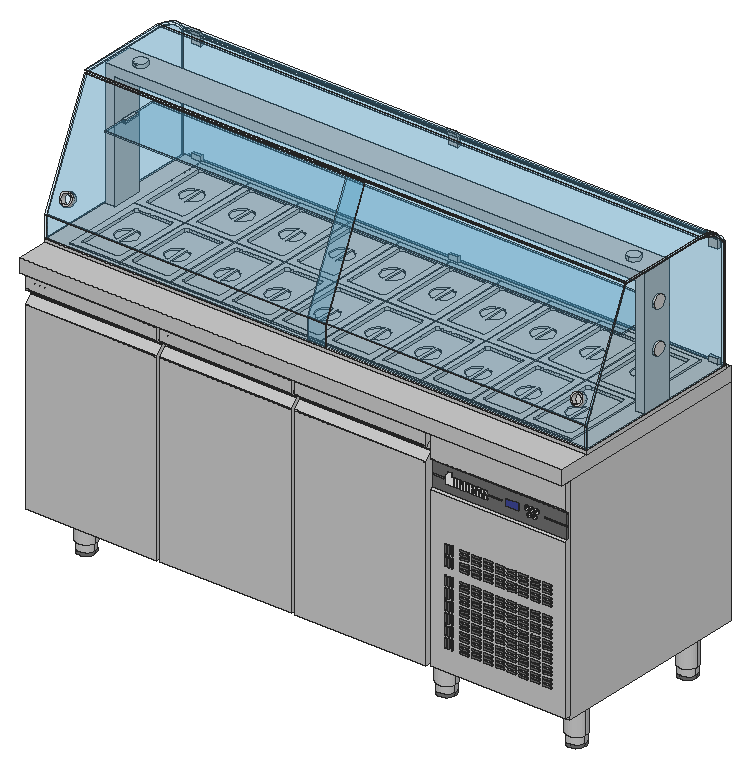
Revit family "QF_INOMAK_ZQFP999_250528111635", category Specialty Equipment, Revit 2021 (continued)
Definition of nested family "QF_INOMAK_REF_WORKTOPS_WTVF_1810_7123"
  Automatic sketch dimensions
    Extrusion 67 sketch curve to Extrusion 67 sketch curve = 10 mm  (x3)
    Extrusion 67 sketch curve to Extrusion 67 sketch curve = 208 mm
    Extrusion 67 sketch curve to Extrusion 67 sketch curve = 0 mm
    Extrusion 67 sketch curve to Extrusion 67 sketch curve = 30 mm  (x2)
    plane 4 "Right" to Extrusion 67 sketch curve = 730 mm
    Extrusion 67 sketch curve to Extrusion 67 sketch curve = 106 mm
    plane 3 "Left" to Extrusion 22 sketch curve = 80 mm
    plane 1 "Back" to Extrusion 22 sketch curve = 300 mm
    plane 4 "Right" to Extrusion 23 sketch curve = 80 mm
    plane 1 "Back" to Extrusion 23 sketch curve = 300 mm
    curve 9 to plane 3 "Left" = 0 mm
    curve 9 to plane 5 "Front" = 0 mm
    plane 1 "Back" to curve 8 = 0 mm
    curve 7 to plane 4 "Right" = 0 mm
    Masking region 1 sketch curve to plane 3 "Left" = 0 mm
    Masking region 1 sketch curve to plane 5 "Front" = 0 mm
    plane 1 "Back" to Masking region 1 sketch curve = 0 mm
    Masking region 1 sketch curve to plane 4 "Right" = 0 mm
    curve 2 to curve 5 = 20.823 mm
    curve 2 to curve 6 = 25.355 mm
    Extrusion 4 sketch curve to Extrusion 4 sketch curve = 0 mm  (x2)
    plane 1 "Back" to Extrusion 4 sketch curve = 128.129 mm
    plane 1 "Back" to Extrusion 4 sketch curve = 25.993 mm
    Extrusion 4 sketch curve to Extrusion 4 sketch curve = 5.993 mm
    plane 6 "Top" to Extrusion 4 sketch curve = 311.486 mm
    Extrusion 4 sketch curve to Extrusion 4 sketch curve = 69.454 mm
    plane 6 "Top" to Extrusion 2 sketch curve = 10 mm
    plane 1 "Back" to Extrusion 2 sketch curve = 25 mm
    Extrusion 2 sketch curve to Extrusion 2 sketch curve = 5 mm
    Extrusion 2 sketch curve to Extrusion 2 sketch curve = 365.94 mm
    plane 8 to Extrusion 47 sketch curve = 20 mm
    Extrusion 47 sketch curve to Extrusion 47 sketch curve = 30 mm
    plane 8 to Extrusion 46 sketch curve = 40 mm
    Extrusion 5 sketch curve to plane 8 = 0 mm
    plane 8 to Extrusion 45 sketch curve = 20 mm
    Extrusion 45 sketch curve to Extrusion 45 sketch curve = 30 mm
    plane 8 to Extrusion 44 sketch curve = 40 mm
    plane 8 to Extrusion 43 sketch curve = 20 mm
    plane 8 to Extrusion 42 sketch curve = 40 mm
    plane 8 to Extrusion 55 sketch curve = 20 mm
    plane 8 to Extrusion 54 sketch curve = 40 mm
    plane 8 to Extrusion 67 sketch curve = 20 mm
    plane 8 to Extrusion 66 sketch curve = 40 mm
    plane 8 to Extrusion 63 sketch curve = 20 mm
    plane 8 to Extrusion 62 sketch curve = 40 mm
    plane 8 to Extrusion 61 sketch curve = 20 mm
    plane 8 to Extrusion 60 sketch curve = 40 mm
    plane 8 to Extrusion 53 sketch curve = 20 mm
    Extrusion 53 sketch curve to Extrusion 53 sketch curve = 30 mm
    plane 8 to Extrusion 52 sketch curve = 40 mm
    plane 8 to Extrusion 41 sketch curve = 20 mm
    Extrusion 41 sketch curve to Extrusion 41 sketch curve = 30 mm
    plane 8 to Extrusion 40 sketch curve = 40 mm
    Extrusion 40 sketch curve to Extrusion 40 sketch curve = 5 mm
    plane 8 to Extrusion 39 sketch curve = 20 mm
    plane 8 to Extrusion 38 sketch curve = 40 mm
    Extrusion 38 sketch curve to Extrusion 38 sketch curve = 5 mm
    curve 4 to plane 8 = 0 mm
    plane 4 "Right" to curve 6 = 52.799 mm
    curve 6 to curve 6 = 20 mm
    plane 3 "Left" to curve 5 = 52.799 mm
    curve 5 to curve 5 = 20 mm
    curve 5 to curve 4 = 823.201 mm
    plane 8 to Extrusion 4 sketch curve = 163.2 mm
    plane 8 to Extrusion 3 sketch curve = 163.208 mm
    Extrusion 3 sketch curve to plane 8 = 0 mm
    Extrusion 3 sketch curve to Extrusion 3 sketch curve = 70 mm
    Extrusion 6 sketch curve to plane 8 = 0 mm
    plane 8 to Extrusion 6 sketch curve = 163.208 mm
    Extrusion 6 sketch curve to Extrusion 6 sketch curve = 70 mm
    Extrusion 7 sketch curve to plane 8 = 0 mm
    plane 8 to Extrusion 7 sketch curve = 163.208 mm
    plane 6 "Top" to Extrusion 7 sketch curve = 10 mm
    Extrusion 7 sketch curve to Extrusion 7 sketch curve = 68.892 mm
    Extrusion 7 sketch curve to Extrusion 7 sketch curve = 1.108 mm
    plane 8 to Extrusion 8 sketch curve = 174.241 mm
    plane 8 to Extrusion 8 sketch curve = 10 mm
    plane 6 "Top" to Extrusion 8 sketch curve = 78.892 mm
    Extrusion 8 sketch curve to Extrusion 8 sketch curve = 1.108 mm
    plane 6 "Top" to Extrusion 8 sketch curve = 10 mm
    Extrusion 5 sketch curve to plane 4 "Right" = 0 mm
    Extrusion 5 sketch curve to plane 3 "Left" = 0 mm
    plane 4 "Right" to Extrusion 5 sketch curve = 66 mm
    plane 8 to Extrusion 28 sketch curve = 20 mm
    plane 3 "Left" to Extrusion 28 sketch curve = 66 mm
    radius of Extrusion 9 sketch curve = 20 mm
    radius of Extrusion 10 sketch curve = 15 mm
    radius of Extrusion 10 sketch curve = 20 mm
    radius of Extrusion 11 sketch curve = 15 mm
    radius of Extrusion 11 sketch curve = 20 mm
    radius of Extrusion 12 sketch curve = 20 mm
    radius of Extrusion 18 sketch curve = 20 mm
    radius of Extrusion 19 sketch curve = 20 mm
    radius of Extrusion 20 sketch curve = 20 mm
    radius of Extrusion 21 sketch curve = 20 mm
    radius of Extrusion 22 sketch curve = 20 mm
    radius of Extrusion 23 sketch curve = 20 mm
Definition of nested family "QF_INOMAK_REF_COUNTERS_LEGS_9528"
  Parameters (values of type "LG-1790-700")
    Weight [instance] = 0.00 kg
    Warranty Start Date [instance] = ""
    Warranty Duration [instance] = ""
    URL Cutsheet [instance] = ""
    URL = "www.inomak.com"
    Technical Documentation [instance] = ""
    Tag Number [instance] = ""
    Status [instance] = ""
    Specification by User [instance] = ""
    Specification by Manufacturer [instance] = ""
    Sound Level [instance] = ""
    Solid Fuel Type [instance] = ""
    Show Logo [instance] = yes
    Show Clearances [instance] = yes
    Service Life Duration [instance] = ""
    Serial Number [instance] = ""
    Seismic Rating [instance] = ""
    SMACNA No [instance] = ""
    Revision Code [instance] = ""
    Revision [instance] = ""
    Production Year [instance] = ""
    Point Load [instance] = 0
    Other Equipment Approvals [instance] = ""
    NAFEM Spec ID Number [instance] = ""
    Model Warning [instance] = ""
    Model = "LG"
    Masterspec [instance] = ""
    Manufacturer = "INOMAK"
    Length Actual [instance] = 1792 mm
    Legs inset right [instance] = 70 mm
    Legs inset rear [instance] = 90 mm
    Legs inset left [instance] = 100 mm
    Legs inset front [instance] = 150 mm
    Item Number [instance] = ""
    Installed By [instance] = ""
    Installation Date [instance] = ""
    Identify Quantity as Lot [instance] = yes
    ID [instance] = ""
    Hygiene Approval [instance] = ""
    Height Actual [instance] = 144 mm
    Furnished By [instance] = ""
    Foodservice Equipment Identifier [instance] = yes
    ETL Approved [instance] = yes
    Description = "STANDARD LEGS"
    Depth Actual [instance] = 700 mm
    Default Elevation = 0 mm
    CentralLegs [instance] = if(Length Actual > 2000 mm, 2 > 1, 2 < 1)  # no
    CSI MasterFormat [instance] = ""
    CE Approved [instance] = yes
    Barcode [instance] = ""
    Author [instance] = ""
    Asset Identifier [instance] = ""
    Assembly Code = "E1090320"
    Accessory [instance] = yes
  Types (8, lengths in mm): name | Length Actual | Height Actual | Depth Actual | CentralLegs
    LG-2240-700 | 2242 | 144 | 700 | yes
    LG-1790-700 | 1792 | 144 | 700 | no
    LG-1345-700 | 1342 | 144 | 700 | no
    LG-1345-600 | 1342 | 144 | 600 | no
    LG-1790-600 | 1792 | 144 | 600 | no
    LG-2240-600 | 2242 | 144 | 600 | yes
    LG-1790-700-BC | 1792 | 115 | 700 | no
    LG-2240-700-BC | 2242 | 115 | 700 | yes
  Reference planes
    plane 1 "Back": y = 0
    plane 2: z = 0
    plane 3 "Left": x = 0
    plane 4 "Right": x = 1792
    plane 5 "Front": y = -700
    plane 6 "Top": z = 144
    plane 7 "Left offset": x = 100
    plane 8 "Right offset": x = 1722
    plane 9 "Rear offset": y = -90
    plane 10 "Front offset": y = -550
    plane 11 "Central": x = 696
    plane 12: x = 1292
  Dimensions and locks
    "Length Actual": plane 3 "Left" to plane 4 "Right"
    "Depth Actual": plane 5 "Front" to plane 1 "Back"
    "Legs inset left": plane 3 "Left" to plane 7 "Left offset"
    "Legs inset right": plane 8 "Right offset" to plane 4 "Right"
    "Legs inset rear": plane 9 "Rear offset" to plane 1 "Back"
    "Legs inset front": plane 10 "Front offset" to plane 5 "Front"
    "Height Actual": plane 6 "Top" to plane 2
    equal spacing: plane 12, plane 11 "Central", plane 7 "Left offset"
    locked: plane 12 to plane 8 "Right offset" at 430
    aligned and locked: level to plane 2
    aligned and locked: nested 6 to plane 11 "Central"
    aligned and locked: nested 6 to plane 10 "Front offset"
    aligned and locked: nested 7 to plane 7 "Left offset"
    aligned and locked: nested 7 to plane 10 "Front offset"
    aligned and locked: nested 5 to plane 12
    aligned and locked: nested 5 to plane 10 "Front offset"
    aligned and locked: nested 4 to plane 8 "Right offset"
    aligned and locked: nested 4 to plane 10 "Front offset"
    aligned and locked: nested 1 to plane 7 "Left offset"
    aligned and locked: nested 1 to plane 9 "Rear offset"
    aligned and locked: nested 2 to plane 12
    aligned and locked: nested 2 to plane 9 "Rear offset"
    aligned and locked: nested 3 to plane 8 "Right offset"
    aligned and locked: nested 3 to plane 9 "Rear offset"
  Nested families
    nested 1: "QF_INOMAK_LEG" at (100, -90, 0), type "QF_INOMAK_LEG"
      with Height 144 mm
    nested 2: "QF_INOMAK_LEG" at (1292, -90, 0), type "QF_INOMAK_LEG"
      with Height 144 mm
    nested 3: "QF_INOMAK_LEG" at (1722, -90, 0), type "QF_INOMAK_LEG"
      with Height 144 mm
    nested 4: "QF_INOMAK_LEG" at (1722, -550, 0), type "QF_INOMAK_LEG"
      with Height 144 mm
    nested 5: "QF_INOMAK_LEG" at (1292, -550, 0), type "QF_INOMAK_LEG"
      with Height 144 mm
    nested 6: "QF_INOMAK_LEG" at (696, -550, 0), visible <- "CentralLegs", type "QF_INOMAK_LEG"
      with Height 144 mm
    nested 7: "QF_INOMAK_LEG" at (100, -550, 0), type "QF_INOMAK_LEG"
      with Height 144 mm
  Definition of nested family "QF_INOMAK_LEG"
    Parameters (values of type "QF_INOMAK_LEG")
      Height = 115 mm
      Default Elevation = 0 mm
    Reference planes
      plane 1 "Center (Front/Back)": y = 0
      plane 2: z = 0
      plane 3 "Center (Left/Right)": x = 0
      plane 4 "Top": z = 115
    Forms (mm)
      Extrusion 1, solid
        sketch origin (0, 0, 115) x (0, 1, 0) y (-1, 0, 0)
          loop
            line (50, 45) -> (-50, 45) -> (-50, -45) -> (50, -45) -> (50, 45)
        from 0 to -3
      Extrusion 2, solid
        sketch origin (-199.986, 580, 0) x (1, 0, 0) y (0, 1, 0)
          loop
            circle (199.986, -580) r 28
        from 9 to 35
      Extrusion 3, solid
        sketch origin (-199.986, 580, 0) x (1, 0, 0) y (0, 1, 0)
          loop
            circle (199.986, -580) r 28.5
        from 0 to 9
      Sweep 4, solid
        path origin (0, 0, 0) x (0, 1, 0) y (0, 0, 1)
          loop
            line (0, 112) -> (0, 35)
        profile origin (0, 0, 73.5) x (1, 0, 0) y (0, 1, 0)
          loop
            circle (0, 0) r 32
    Dimensions and locks
      "Height": plane 4 "Top" to plane 2
      aligned and locked: level to plane 2
    Automatic sketch dimensions
      plane 1 "Center (Front/Back)" to Extrusion 1 sketch curve = 50 mm
      Extrusion 1 sketch curve to plane 1 "Center (Front/Back)" = 50 mm
      plane 3 "Center (Left/Right)" to Extrusion 1 sketch curve = 45 mm
      Extrusion 1 sketch curve to plane 3 "Center (Left/Right)" = 45 mm
      plane 1 "Center (Front/Back)" to Extrusion 2 sketch curve = 0 mm
      Extrusion 2 sketch curve to plane 3 "Center (Left/Right)" = 0 mm
      plane 1 "Center (Front/Back)" to Extrusion 3 sketch curve = 0 mm
      Extrusion 3 sketch curve to plane 3 "Center (Left/Right)" = 0 mm
      Sweep 4 sketch curve to plane 1 "Center (Front/Back)" = 0 mm
      level to Sweep 4 sketch curve = 35 mm
      Sweep 4 sketch curve to plane 4 "Top" = 3 mm
      Sweep 4 sketch curve to plane 3 "Center (Left/Right)" = 0 mm
      profile plane to Sweep 4 sketch curve = 0 mm
      radius of Extrusion 2 sketch curve = 28 mm
      radius of Extrusion 3 sketch curve = 28.5 mm
      radius of Sweep 4 sketch curve = 32 mm
Definition of nested family "CONN_POINT_ELE_2D___Generic_Annotation"
  Parameters (values of type "CONN_POINT_ELE_2D___Generic_Annotation")
    Onboard connection annotation symbol visibility [instance] = yes
  Reference planes
    plane 1: y = 0
    plane 2: x = 0
  Lines and regions (mm)
    detail lines, visible <- "Onboard connection annotation symbol visibility"
      curve 1: circle (0, 0, 0) r 0.5 normal (0, 0, 1)
      curve 2: line (-1, 0, 0) -> (1, 0, 0)
      curve 3: line (0, 1, 0) -> (0, -1, 0)
      curve 4: line (2.5, 1, 0) -> (1.25, 1, 0)
      curve 5: line (1.25, 1, 0) -> (1.25, -1, 0)
      curve 6: line (1.25, -1, 0) -> (2.5, -1, 0)
      curve 7: line (1.25, 0, 0) -> (2, 0, 0)
